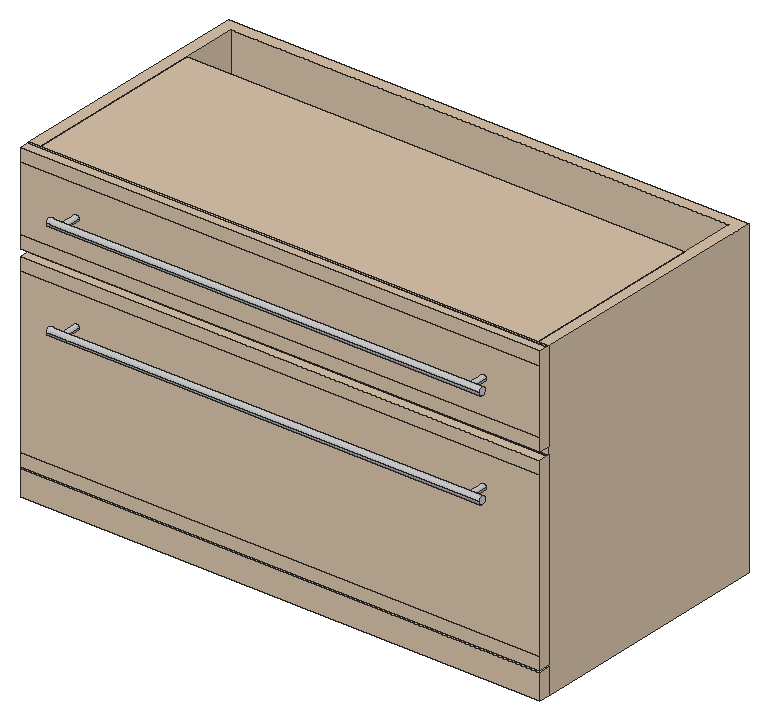
Revit family "Haworth_Masters_AttachedStorage", category Furniture Systems, Revit 2018
Family settings
  Round Connector Dimension = Use Diameter
  Part Type = Normal
  OmniClass Number = 23.40.70.14.64.21
  OmniClass Title = Systems Furniture
  Work Plane-Based = No
  Always vertical = Yes
  Cut with Voids When Loaded = No
  Shared = No
  Room Calculation Point = No
Parameters (values of type "Lateral - One and One Half High - 36w")
  Width = 36"
  Warranty = "http://www.haworth.com/resources/product-info/warranties"
  URL - Product = "http://www.haworth.com/products/desks/freestanding/masters-series"
  URL = "www.haworth.com"
  Two High = not(or(One and One Half High, One High))  # no
  Touch Latch = and(Doors, not(or(Linear Pull, Bar Pull, Classic Pull)))  # no
  Top Open Shelf = no
  Top Drawer Height = if(Two High, 13", 6 1/4")  # 6 1/4"
  Top Drawer = and(Drawers, or(Two High, One and One Half High), not(Top Open Shelf))  # yes
  Sustainability Info = "http://www.haworth.com/company-info/sustainablility"
  Standard Depths = "18, 23 in."  # constant formula
  Size = "Verify Final Dim. w/ Haworth"  # constant formula
  Shelf = not(One High)  # yes
  Revision Number = "3"  # constant formula
  Open = no
  One and One Half High = yes
  One High = no
  Hardware Finish = Haworth _ Metal _ Brushed Aluminum
  Finished Back = no
  Finger Pull = no
  Drawers = not(or(Open, Doors))  # yes
  Doors = no
  Door Width = (Actual Width / 2) - 1/16"  # 17 7/8"
  Door Height = Actual Height - 1 7/8"  # 19 3/4"
  Classic Pull = no
  Model = "Haworth - Masters - Attached Storage"  # constant formula
  Min. Width = 29 7/8"  # constant formula
  Max. Width = 47 7/8"  # constant formula
  Min. Height = 27 1/2"  # constant formula
  Max. Height = 63 1/2"  # constant formula
  Manufacturer = "Haworth"  # constant formula
  Linear Pull = no
  Front Finish = Haworth _ Wood _ White Oak
  Drawer Height = 13"  # constant formula
  Description = "Haworth - Masters - Attached Storage"  # constant formula
  Custom Size = not(or(Width = 30", Width = 36"))  # no
  Cabinet Finish = Haworth _ Wood _ White Oak
  Cabinet Depth = if(Finished Back, Actual Depth - 3/4", Actual Depth)  # 18"
  Bar Pull Drawer = Actual Width - 6"  # 29 7/8"
  Bar Pull Door = (Actual Width / 2) - 6"  # 11 15/16"
  Bar Pull = yes
  Author = "Haworth (Hampton), SHAPE Environments, LLC"  # constant formula
  Assembly Code = "E2020200"
  Actual Width = if(Width < Min. Width, Min. Width, if(Width > Max. Width, Max. Width, Width - 1/8"))  # 35 7/8"
  Actual Height = if(Two High, 28", if(One High, 15 3/16", 21 5/8"))  # 21 5/8"
  Actual Drawers = and(Drawers)  # yes
  Actual Depth = if(and(not(Finished Back), Depth < 18"), 18", if(and(not(Finished Back), Depth > 23"), 23", if(and(Depth < 18", Finished Back), 18 3/4", if(and(Depth > 23", Finished Back), 23 3/4", if(Finished Back, Depth + 3/4", Depth)))))  # 18"
  Depth = 18"
  Standard Widths = "30, 36 in."  # constant formula
  Actual Doors = and(Doors)  # no
Types (7): name | Two High | Top Drawer Height | Top Drawer | Shelf | Open | One and One Half High | One High | Drawers | Doors | Door Height | Actual Height | Actual Drawers | Actual Doors
  Lateral - Two High - 36w | yes | 13" | yes | yes | no | no | no | yes | no | 26 1/8" | 28" | yes | no
  Lateral - One High - 36w | no | 6 1/4" | no | no | no | no | yes | yes | no | 13 5/16" | 15 3/16" | yes | no
  Open - Two High - 36w | yes | 13" | no | yes | yes | no | no | no | no | 26 1/8" | 28" | no | no
  Open - One High - 36w | no | 6 1/4" | no | no | yes | no | yes | no | no | 13 5/16" | 15 3/16" | no | no
  Doors - Two High - 36w | yes | 13" | no | yes | no | no | no | no | yes | 26 1/8" | 28" | no | yes
  Open - One and One Half High - 36w | no | 6 1/4" | no | yes | yes | yes | no | no | no | 19 3/4" | 21 5/8" | no | no
  Lateral - One and One Half High - 36w | no | 6 1/4" | yes | yes | no | yes | no | yes | no | 19 3/4" | 21 5/8" | yes | no
Reference planes (in)
  plane 1 "Back": y = -4
  plane 2 "BOTTOM OF CABINET": z = 0
  plane 3 "Center L/R": x = 3.125
  plane 4 "Left": x = -14.8125
  plane 5 "Right": x = 21.0625
  plane 6 "Back of Drawer": y = -21.25
  plane 7 "Front": y = -22
  plane 8 "Top": z = 21.625
  plane 9 "Bottom of Top": z = 20.875
  plane 10 "Left Inside": x = -14.0625
  plane 11 "Right Inside": x = 20.3125
  plane 12 "Center F/B": y = -11.5
  plane 13 "FINISHED BACK": y = -4
  plane 14 "BOTTOM OF DRAWER": z = 1.75
  plane 15 "drawer centerline": z = 14.9375
  plane 16 "Center": x = 3.125
  plane 17: x = 3.0625
  plane 18: x = 3.1875
  plane 19: y = -8.5625
  plane 20: y = -5
Forms (in)
  Extrusion 1, solid, material "Haworth _ Wood _ White Oak" <- "Cabinet Finish"
    sketch origin (114.68227, -6.06265, 0) x (1, 0, 0) y (0, 1, 0)
      loop
        line (-129.49477, 2.06265) -> (-129.49477, -15.18735) -> (-128.74477, -15.18735) -> (-128.74477, 1.31265) -> (-94.36977, 1.31265) -> (-94.36977, -15.18735) -> (-93.61977, -15.18735) -> (-93.61977, 2.06265) -> (-129.49477, 2.06265)
    from 0 to 21.625
  Extrusion 2, solid, material "Haworth _ Wood _ White Oak" <- "Cabinet Finish"
    sketch origin (0.125, 1, 0) x (1, 0, 0) y (0, 1, 0)
      loop
        line (-14.1875, -9.5625) -> (-14.1875, -22.25) -> (20.1875, -22.25) -> (20.1875, -9.5625) -> (-14.1875, -9.5625)
    from 20.875 to 21.625
  Extrusion 3, solid, material "Haworth _ Wood _ White Oak" <- "Cabinet Finish", visible <- "Finished Back"
    sketch origin (0.125, 3.25, 0) x (1, 0, 0) y (0, 1, 0)
      loop
        line (-14.9375, -6.5) -> (-14.9375, -7.25) -> (20.9375, -7.25) -> (20.9375, -6.5) -> (-14.9375, -6.5)
    from 0 to 21.625
  Extrusion 4, solid, material "Haworth _ Wood _ White Oak" <- "Cabinet Finish"
    sketch origin (0.125, -20.5, 0) x (1, 0, 0) y (0, 1, 0)
      loop
        line (-14.9375, -0.75) -> (-14.9375, -1.5) -> (20.9375, -1.5) -> (20.9375, -0.75) -> (-14.9375, -0.75)
    from 0 to 1.75
  Extrusion 5, solid, material "Haworth _ Wood _ White Oak" <- "Cabinet Finish", visible <- "Shelf"
    sketch origin (0.125, 1, -12.6875) x (1, 0, 0) y (0, 1, 0)
      loop
        line (-14.1875, -6) -> (-14.1875, -22.25) -> (20.1875, -22.25) -> (20.1875, -6) -> (-14.1875, -6)
    from 27.25 to 28
  Extrusion 6, solid, material "Haworth _ Wood _ White Oak" <- "Cabinet Finish"
    sketch origin (0.125, 1, -22.9375) x (1, 0, 0) y (0, 1, 0)
      loop
        line (-14.1875, -5.75) -> (-14.1875, -22.25) -> (20.1875, -22.25) -> (20.1875, -5.75) -> (-14.1875, -5.75)
    from 22.9375 to 24.6875
Lines and regions (in)
  Masking region 1
    outline origin (0, 0, 20.875) x (0, 1, 0) y (-1, 0, 0)
      loop
        line (-4, 14.8125) -> (-22, 14.8125) -> (-22, -21.0625) -> (-4, -21.0625) -> (-4, 14.8125)
  symbolic lines, style "Haworth", visible <- "Finished Back", detail levels fine
    curve 1: line (-14.8125, -4.75, 21.625) -> (21.0625, -4.75, 21.625)
Dimensions and locks (in)
  locked: plane 6 "Back of Drawer" to plane 7 "Front" at 0.75
  "Actual Width": plane 4 "Left" to plane 5 "Right"
  locked: plane 8 "Top" to plane 9 "Bottom of Top" at 0.75
  equal spacing: plane 4 "Left", plane 3 "Center L/R", plane 5 "Right"
  "Actual Height": plane 8 "Top" to level
  locked: plane 10 "Left Inside" to plane 4 "Left" at 0.75
  locked: plane 5 "Right" to plane 11 "Right Inside" at 0.75
  plane 12 "Center F/B" to plane 1 "Back" = 7 1/2"
  plane 17 to plane 16 "Center" to plane 18 = 1/16" locked, 1/16" locked
  locked: plane 19 to plane 1 "Back" at 4.5625
  "Actual Depth": plane 7 "Front" to plane 13 "FINISHED BACK"
  "Cabinet Depth": plane 1 "Back" to plane 7 "Front"
  locked: Extrusion 3 sketch curve to Extrusion 3 sketch curve at 0.75
  locked: Extrusion 1 sketch curve to Extrusion 1 sketch curve at 0.75
  curve 1 to plane 13 "FINISHED BACK" = 3/4"
  locked: plane 20 to plane 13 "FINISHED BACK" at 1
  aligned: Extrusion 1 to plane 4 "Left"
  aligned: Extrusion 1 to plane 5 "Right"
  aligned: plane 9 "Bottom of Top" to Extrusion 1
  aligned and locked: plane 8 "Top" to Extrusion 2
  aligned and locked: Extrusion 2 to plane 9 "Bottom of Top"
  aligned and locked: level to plane 2 "BOTTOM OF CABINET"
  aligned: plane 8 "Top" to Extrusion 1
  aligned and locked: plane 6 "Back of Drawer" to Extrusion 2 sketch curve
  aligned and locked: Extrusion 1 sketch curve to plane 6 "Back of Drawer"
  aligned: plane 1 "Back" to Extrusion 3
  aligned: Extrusion 1 to Extrusion 3  (x2)
  aligned and locked: Extrusion 3 to plane 4 "Left"  (x2)
  aligned: Extrusion 4 to Extrusion 1
  aligned and locked: plane 6 "Back of Drawer" to Extrusion 4
  aligned and locked: plane 8 "Top" to Extrusion 3
  aligned: Extrusion 1 to plane 2 "BOTTOM OF CABINET"
  aligned and locked: Extrusion 3 to plane 2 "BOTTOM OF CABINET"
  aligned: Extrusion 1 to plane 11 "Right Inside"
  aligned and locked: plane 16 "Center" to plane 3 "Center L/R"
  aligned: plane 15 "drawer centerline" to nested 1
  aligned: plane 5 "Right" to nested 1
  aligned: plane 4 "Left" to nested 1
  aligned and locked: Extrusion 4 to plane 7 "Front"
  aligned: Extrusion 5 to Extrusion 2
  aligned and locked: Extrusion 5 to plane 6 "Back of Drawer"
  aligned and locked: nested 1 to plane 6 "Back of Drawer"
  aligned: Extrusion 1 to plane 6 "Back of Drawer"
  aligned: Extrusion 1 to level
  aligned and locked: plane 19 to Extrusion 2 sketch curve
  aligned and locked: plane 10 "Left Inside" to Extrusion 2 sketch curve
  aligned and locked: Extrusion 2 sketch curve to plane 11 "Right Inside"
  aligned and locked: plane 4 "Left" to Masking region 1 sketch curve
  aligned and locked: plane 7 "Front" to Masking region 1 sketch curve
  aligned and locked: plane 5 "Right" to Masking region 1 sketch curve
  aligned: Extrusion 1 to plane 1 "Back"  (x3)
  aligned: plane 1 "Back" to Extrusion 1 sketch curve
  aligned and locked: Extrusion 1 to plane 1 "Back"
  aligned and locked: Extrusion 1 to plane 5 "Right"
  aligned and locked: Extrusion 1 to plane 11 "Right Inside"
  aligned and locked: Extrusion 1 to plane 4 "Left"
  aligned and locked: plane 10 "Left Inside" to Extrusion 1
  aligned and locked: Extrusion 1 to plane 6 "Back of Drawer"
  aligned and locked: plane 8 "Top" to nested 2
  aligned and locked: plane 8 "Top" to Extrusion 1
  aligned and locked: Extrusion 6 to plane 2 "BOTTOM OF CABINET"
  aligned and locked: plane 14 "BOTTOM OF DRAWER" to Extrusion 6
  aligned: Extrusion 6 to Extrusion 3
  aligned and locked: nested 2 to plane 6 "Back of Drawer"
  aligned: plane 13 "FINISHED BACK" to Extrusion 3
  aligned and locked: Extrusion 1 to Extrusion 3
  aligned and locked: Masking region 1 to plane 13 "FINISHED BACK"
  aligned and locked: nested 1 to nested 3
  aligned and locked: plane 5 "Right" to nested 3
  aligned and locked: nested 4 to plane 4 "Left"
  aligned and locked: plane 7 "Front" to nested 4
  aligned and locked: nested 3 to plane 7 "Front"
  aligned and locked: plane 20 to Extrusion 5
  aligned and locked: Extrusion 6 to Extrusion 1
  aligned and locked: plane 14 "BOTTOM OF DRAWER" to Extrusion 4
  aligned and locked: Extrusion 4 to plane 2 "BOTTOM OF CABINET"
  aligned and locked: Extrusion 4 to plane 5 "Right"
  aligned and locked: Extrusion 4 to plane 4 "Left"
  aligned and locked: Extrusion 1 to plane 2 "BOTTOM OF CABINET"
Automatic sketch dimensions
  Extrusion 1 sketch curve to plane 4 "Left" = 0"
  plane 10 "Left Inside" to Extrusion 1 sketch curve = 0"
  Extrusion 1 sketch curve to plane 11 "Right Inside" = 0"
  Extrusion 1 sketch curve to plane 5 "Right" = 0"
  Extrusion 1 sketch curve to plane 6 "Back of Drawer" = 0"
  Extrusion 3 sketch curve to plane 4 "Left" = 0"
  Extrusion 3 sketch curve to plane 5 "Right" = 0"
  Extrusion 3 sketch curve to plane 1 "Back" = 3/4"
  Extrusion 4 sketch curve to plane 4 "Left" = 0"
  Extrusion 4 sketch curve to plane 5 "Right" = 0"
  Extrusion 4 sketch curve to plane 7 "Front" = 0"
  plane 6 "Back of Drawer" to Extrusion 4 sketch curve = 0"
  Extrusion 5 sketch curve to plane 6 "Back of Drawer" = 0"
  Extrusion 5 sketch curve to plane 10 "Left Inside" = 0"
  Extrusion 5 sketch curve to plane 11 "Right Inside" = 0"
  Extrusion 5 sketch curve to plane 19 = 3 9/16"
  Extrusion 6 sketch curve to plane 6 "Back of Drawer" = 0"
  Extrusion 6 sketch curve to plane 10 "Left Inside" = 0"
  Extrusion 6 sketch curve to plane 11 "Right Inside" = 0"
  Extrusion 6 sketch curve to plane 19 = 3 13/16"
  Masking region 1 sketch curve to plane 1 "Back" = 0"
  curve 1 to plane 5 "Right" = 0"
  curve 1 to plane 4 "Left" = 0"
Nested families (in)
  nested 1: "Haworth_Masters_Drawer" at (3.125, -20.98787, 1.875), visible <- "Drawers", Drawer Height <- "Drawer Height", Finger Pull Top <- "Finger Pull", type "Haworth_Drawer"
    with Finger Pull Top Distance 0", Finger Pull Top no, Finger Pull Side Distance 3/4", Finger Pull Bottom Distance 0", Finger Pull Bottom no, Drawer Height 13", Bottom Finger Pull Side Distance 3/4", Pull Height 3", Pull Bar yes, Drawer Width 35 7/8", Bar Pull Length 29 7/8"
  nested 2: "Haworth_Masters_Drawer" at (3.125, -20.98787, 15.375), visible <- "Top Drawer", Drawer Height <- "Top Drawer Height", Finger Pull Bottom <- "Finger Pull", type "Haworth_Drawer"
    with Finger Pull Top Distance 0", Finger Pull Top no, Finger Pull Side Distance 3/4", Finger Pull Bottom Distance 0", Finger Pull Bottom no, Drawer Height 6 1/4", Bottom Finger Pull Side Distance 3/4", Pull Height 3", Pull Bar yes, Drawer Width 35 7/8", Bar Pull Length 29 7/8"
  nested 3: "Haworth_Masters_Door-Pull_Top" at (12.125, -20.98787, 1.875), Drawer Height <- "Door Height", visible <- "Actual Doors", type "Haworth_Door"
    with Drawer Height 19 3/4"
  nested 4: "Haworth_Masters_Door-Pull_Top" at (-5.875, -20.98787, 1.875) x (-1, 0, 0) z (0, 0, 1), Drawer Height <- "Door Height", visible <- "Actual Doors", type "Haworth_Door"
    with Drawer Height 19 3/4"
Definition of nested family "Haworth_Masters_Drawer"
  Parameters
    Pull Linear = no
    Pull Height = 1 7/16"
    Pull Finish = none
    Pull Bar = no
    Pull Classic = no
    Front Finish = none
    Finger Pull Top Distance [instance] = if(Finger Pull Top, 7/8", 0")  # 7/8"
    Finger Pull Top [instance] = yes
    Finger Pull Side Distance [instance] = if(Finger Pull Top, 1/8", 3/4")  # 1/8"
    Finger Pull Location = 1/8"
    Finger Pull Bottom Distance [instance] = if(Finger Pull Bottom, 7/8", 0")  # 7/8"
    Finger Pull Bottom [instance] = yes
    Drawer Width = 15 1/2"
    Drawer Height [instance] = 16"
    Drawer Finish = none
    Classic Pull Length = 7 1/16"
    Bottom Finger Pull Side Distance [instance] = if(Finger Pull Bottom, 1/8", 3/4")  # 1/8"
    Bar Pull Length = 10"
    Assembly Code = ""
  Reference planes (in)
    plane 1 "Drawer Back": y = -0.26213
    plane 2: z = 0
    plane 3 "Center L/R": x = 0
    plane 4 "Drawer Front": y = -1.01213
    plane 5 "Left": x = -7.75
    plane 6 "Right": x = 7.75
    plane 7 "Top": z = 16
    plane 8: y = -4.26213
    plane 9: y = -3.26213
    plane 10 "Integral Top": z = 14.28125
    plane 11 "Pull Location": z = 14.5625
    plane 12 "Integral Bottom": z = 14.84375
    plane 13: z = 14.75
    plane 14: z = 15.3125
    plane 15: x = -7.875
    plane 16: x = -8
    plane 17: y = -0.375
    plane 18 "Top Finger Pull Side Offset": y = -0.38713
    plane 19 "Finger Pull Top Offset": z = 15.125
    plane 20 "Bottom Finger Pull Side Offset": y = -0.38713
    plane 21 "Finger Pull Bottom Offset": z = 0.875
    plane 22: z = 0.875
    plane 23: y = -0.38713
    plane 24: z = 15.125
  Forms (in)
    Extrusion 1, solid, material <- "Drawer Finish"
      sketch origin (-7.75, 0, 2.25) x (0, 1, 0) y (0, 0, 1)
        loop
          line (-0.26213, 13.75) -> (-0.38713, 13.75) -> (-0.38713, 12.875) -> (-1.01213, 12.875) -> (-1.01213, -1.375) -> (-0.38713, -1.375) -> (-0.38713, -2.25) -> (-0.26213, -2.25) -> (-0.26213, 13.75)
      from 0 to 15.5
  Dimensions and locks (in)
    equal spacing: plane 5 "Left", plane 3 "Center L/R", plane 6 "Right"
    "Drawer Width": plane 5 "Left" to plane 6 "Right"
    locked: plane 1 "Drawer Back" to plane 4 "Drawer Front" at 0.75
    "Drawer Height": plane 7 "Top" to level
    locked: plane 8 to plane 1 "Drawer Back" at 4
    locked: plane 8 to plane 9 at 1
    "Pull Height": plane 7 "Top" to plane 11 "Pull Location"
    equal spacing: plane 12 "Integral Bottom", plane 11 "Pull Location", plane 10 "Integral Top"
    locked: plane 12 "Integral Bottom" to plane 10 "Integral Top" at 0.5625
    "Finger Pull Location": plane 15 to plane 16
    locked: plane 5 "Left" to plane 16 at 0.25
    plane 7 "Top" to plane 14 to plane 13 = 11/16" locked, 9/16" locked
    "Finger Pull Top Distance": plane 7 "Top" to plane 19 "Finger Pull Top Offset"
    "Finger Pull Side Distance": plane 1 "Drawer Back" to plane 18 "Top Finger Pull Side Offset"
    locked: plane 22 to level at 0.875
    "Bottom Finger Pull Side Distance": plane 1 "Drawer Back" to plane 20 "Bottom Finger Pull Side Offset"
    "Finger Pull Bottom Distance": plane 21 "Finger Pull Bottom Offset" to level
    plane 1 "Drawer Back" to Extrusion 1 = 3/4"
    locked: plane 1 "Drawer Back" to plane 23 at 0.125
    locked: plane 7 "Top" to plane 24 at 0.875
    aligned and locked: Extrusion 1 to plane 6 "Right"
    aligned and locked: plane 1 "Drawer Back" to Extrusion 1 sketch curve
    aligned and locked: plane 7 "Top" to Extrusion 1 sketch curve
    aligned: plane 7 "Top" to nested 1
    aligned and locked: nested 1 to plane 4 "Drawer Front"
    aligned and locked: nested 1 to plane 11 "Pull Location"
    aligned and locked: plane 3 "Center L/R" to nested 1
    aligned and locked: plane 19 "Finger Pull Top Offset" to Extrusion 1 sketch curve
    aligned and locked: plane 18 "Top Finger Pull Side Offset" to Extrusion 1 sketch curve
    aligned and locked: plane 21 "Finger Pull Bottom Offset" to Extrusion 1 sketch curve
    aligned and locked: plane 20 "Bottom Finger Pull Side Offset" to Extrusion 1 sketch curve
    aligned and locked: plane 23 to Extrusion 1 sketch curve  (x2)
    aligned and locked: plane 22 to Extrusion 1 sketch curve
    aligned and locked: plane 24 to Extrusion 1 sketch curve
  Automatic sketch dimensions
    Extrusion 1 sketch curve to plane 4 "Drawer Front" = 0"
    Extrusion 1 sketch curve to level = 0"
  Nested families (in)
    nested 1: "Haworth_Drawer-Pulls" at (0, -1.01213, 14.5625), type "Pull", detail levels medium+fine
  Definition of nested family "Haworth_Drawer-Pulls"
    Parameters
      Linear = no
      Handle Finish = none
      Classic Pull Length = 7 1/16"
      Classic = no
      Bar Pull Length = 10"
      Bar Pull = no
      Assembly Code = ""
    Reference planes (in)
      plane 1 "Center Front/Back": y = 0
      plane 2: z = 0
      plane 3 "Center Left/Right": x = 0
      plane 4: x = -5
      plane 5: x = 5
      plane 6 "left classic": x = -3.53125
      plane 7 "right classic": x = 3.53125
      plane 8: x = 4.125
      plane 9: x = -4.125
      plane 10: x = -4
      plane 11: x = 4
    Forms (in)
      Extrusion 1, solid, material <- "Handle Finish", visible <- "Linear"
        sketch origin (0, 0, 0.125) x (1, 0, 0) y (0, 1, 0)
          loop
            line (-4, 0) -> (-4, -1.25) -> (4, -1.25) -> (4, 0) -> (3, 0) -> (3, -1) -> (-3, -1) -> (-3, 0) -> (-4, 0)
        from 0 to -0.25
      Extrusion 2, solid, material <- "Handle Finish", visible <- "Classic"
        sketch origin (0, 0, 0.375) x (1, 0, 0) y (0, 0, 1)
          loop
            line (-3.53125, 0) -> (-3.53125, -0.75)
            arc (-3.53125, -0.75) -> (-3.15625, -0.375) -> (-3.53125, 0) r 0.375
        from 0 to 1
      Extrusion 3, solid, material <- "Handle Finish", visible <- "Classic"
        sketch origin (0, 0, 0.375) x (-1, 0, 0) y (0, 0, -1)
          loop
            arc (-3.53125, 0.00132) -> (-3.15757, 0.375) -> (-3.53125, 0.74868) r 0.37368
            line (-3.53125, 0.74868) -> (-3.53125, 0.00132)
        from 0 to 1
      Extrusion 4, solid, material <- "Handle Finish", visible <- "Classic"
        sketch origin (0, 0, 0.375) x (1, 0, 0) y (0, 0, 1)
          loop
            line (-3.53125, 0) -> (-3.53125, -0.75) -> (3.53125, -0.75) -> (3.53125, 0) -> (-3.53125, 0)
        from 1 to 1.25
      Extrusion 5, solid, material <- "Handle Finish", visible <- "Bar Pull"
        sketch origin (3.78314, -0.03024, -1.5) x (1, 0, 0) y (0, 0, 1)
          loop
            circle (0.34186, 1.5) r 0.1875
        from 0 to 1.21976
      Extrusion 6, solid, material <- "Handle Finish", visible <- "Bar Pull"
        sketch origin (0, 0.03125, 0) x (0, 1, 0) y (0, 0, 1)
          loop
            circle (-1.25, 0) r 0.25
        from -5 to 5
      Extrusion 7, solid, material <- "Handle Finish", visible <- "Bar Pull"
        sketch origin (-1.21686, -0.03024, -1.5) x (1, 0, 0) y (0, 0, 1)
          loop
            circle (-2.90814, 1.5) r 0.1875
        from 0 to 1.21976
    Cuts and joins
      joined: Extrusion 2, Extrusion 3, Extrusion 4
      joined: Extrusion 5, Extrusion 6, Extrusion 7
    Dimensions and locks (in)
      equal spacing: plane 5, plane 3 "Center Left/Right", plane 4
      "Bar Pull Length": plane 5 to plane 4
      equal spacing: plane 6 "left classic", plane 3 "Center Left/Right", plane 7 "right classic"
      "Classic Pull Length": plane 6 "left classic" to plane 7 "right classic"
      locked: plane 5 to plane 8 at 0.875
      locked: plane 9 to plane 4 at 0.875
      equal spacing: plane 10, plane 3 "Center Left/Right", plane 11
      plane 10 to plane 11 = 8"
      locked: Extrusion 1 sketch curve to Extrusion 1 sketch curve at 1  (x2)
      aligned and locked: plane 5 to Extrusion 6
      aligned and locked: Extrusion 6 to plane 4
      aligned and locked: plane 6 "left classic" to Extrusion 4 sketch curve
      aligned and locked: plane 7 "right classic" to Extrusion 4 sketch curve
      aligned and locked: plane 7 "right classic" to Extrusion 3 sketch curve
      aligned and locked: Extrusion 2 sketch curve to plane 6 "left classic"
      aligned and locked: plane 8 to Extrusion 5 sketch curve
      aligned and locked: plane 9 to Extrusion 7 sketch curve
      aligned and locked: plane 10 to Extrusion 1 sketch curve
      aligned and locked: Extrusion 1 sketch curve to plane 11
    Automatic sketch dimensions
      Extrusion 2 sketch curve to level = 0"
      Extrusion 2 sketch curve to level = 3/8"
      Extrusion 3 sketch curve to level = 0"
      level to Extrusion 3 sketch curve = 0.37368"
      Extrusion 4 sketch curve to level = 3/8"
      level to Extrusion 4 sketch curve = 3/8"
      level to Extrusion 5 sketch curve = 0"
      level to Extrusion 6 sketch curve = 0"
      plane 1 "Center Front/Back" to Extrusion 6 sketch curve = 1 7/32"
      level to Extrusion 7 sketch curve = 0"
      plane 1 "Center Front/Back" to Extrusion 1 sketch curve = 0"  (x2)
      plane 1 "Center Front/Back" to Extrusion 1 sketch curve = 1"
      Extrusion 1 sketch curve to Extrusion 1 sketch curve = 1/4"
      radius of Extrusion 5 sketch curve = 3/16"
      radius of Extrusion 6 sketch curve = 1/4"
      radius of Extrusion 7 sketch curve = 3/16"
Definition of nested family "Haworth_Masters_Door-Pull_Top"
  Parameters
    Pull Linear = no
    Pull Height = 3"
    Pull Finish = none
    Pull Bar = yes
    Pull Classic = no
    Front Finish = none
    Door Width = 17 7/8"
    Drawer Height [instance] = 22"
    Drawer Finish = none
    Classic Pull Length = 7 1/16"
    Bar Pull Length = 11 15/16"
    Assembly Code = ""
  Reference planes (in)
    plane 1 "Drawer Back": y = -0.26213
    plane 2: z = 0
    plane 3 "Center L/R": x = 0
    plane 4 "Drawer Front": y = -1.01213
    plane 5 "Left": x = -8.9375
    plane 6 "Right": x = 8.9375
    plane 7 "Top": z = 22
    plane 8 "Pull Location": z = 19
    plane 9: z = 11
  Forms (in)
    Extrusion 1, solid, material <- "Drawer Finish"
      sketch origin (-8.9375, 0, 2.25) x (0, 1, 0) y (0, 0, 1)
        loop
          line (-0.26213, 19.75) -> (-1.01213, 19.75) -> (-1.01213, -2.25) -> (-0.26213, -2.25) -> (-0.26213, 19.75)
      from 0 to 17.875
  Dimensions and locks (in)
    equal spacing: plane 5 "Left", plane 3 "Center L/R", plane 6 "Right"
    "Door Width": plane 5 "Left" to plane 6 "Right"
    locked: plane 1 "Drawer Back" to plane 4 "Drawer Front" at 0.75
    "Drawer Height": plane 7 "Top" to level
    "Pull Height": plane 7 "Top" to plane 8 "Pull Location"
    plane 1 "Drawer Back" to Extrusion 1 = 3/4"
    equal spacing: plane 7 "Top", plane 9, plane 2
    aligned and locked: Extrusion 1 to plane 6 "Right"
    aligned and locked: plane 1 "Drawer Back" to Extrusion 1 sketch curve
    aligned and locked: plane 7 "Top" to Extrusion 1 sketch curve
    aligned: plane 7 "Top" to nested 1
    aligned and locked: nested 1 to plane 4 "Drawer Front"
    aligned and locked: nested 1 to plane 8 "Pull Location"
    aligned and locked: plane 3 "Center L/R" to nested 1
  Automatic sketch dimensions
    Extrusion 1 sketch curve to level = 0"
    Extrusion 1 sketch curve to plane 4 "Drawer Front" = 0"
  Nested families (in)
    nested 1: "Haworth_Drawer-Pulls" at (0, -1.01213, 19), type "Pull", detail levels medium+fine
      with Bar Pull Length 11 15/16", Bar Pull yes
  Definition of nested family "Haworth_Drawer-Pulls"
    Parameters
      Linear = no
      Handle Finish = none
      Classic Pull Length = 7 1/16"
      Classic = no
      Bar Pull Length = 10"
      Bar Pull = no
      Assembly Code = ""
    Reference planes (in)
      plane 1 "Center Front/Back": y = 0
      plane 2: z = 0
      plane 3 "Center Left/Right": x = 0
      plane 4: x = -5
      plane 5: x = 5
      plane 6 "left classic": x = -3.53125
      plane 7 "right classic": x = 3.53125
      plane 8: x = 4.125
      plane 9: x = -4.125
      plane 10: x = -4
      plane 11: x = 4
    Forms (in)
      Extrusion 1, solid, material <- "Handle Finish", visible <- "Linear"
        sketch origin (0, 0, 0.125) x (1, 0, 0) y (0, 1, 0)
          loop
            line (-4, 0) -> (-4, -1.25) -> (4, -1.25) -> (4, 0) -> (3, 0) -> (3, -1) -> (-3, -1) -> (-3, 0) -> (-4, 0)
        from 0 to -0.25
      Extrusion 2, solid, material <- "Handle Finish", visible <- "Classic"
        sketch origin (0, 0, 0.375) x (1, 0, 0) y (0, 0, 1)
          loop
            line (-3.53125, 0) -> (-3.53125, -0.75)
            arc (-3.53125, -0.75) -> (-3.15625, -0.375) -> (-3.53125, 0) r 0.375
        from 0 to 1
      Extrusion 3, solid, material <- "Handle Finish", visible <- "Classic"
        sketch origin (0, 0, 0.375) x (-1, 0, 0) y (0, 0, -1)
          loop
            arc (-3.53125, 0.00132) -> (-3.15757, 0.375) -> (-3.53125, 0.74868) r 0.37368
            line (-3.53125, 0.74868) -> (-3.53125, 0.00132)
        from 0 to 1
      Extrusion 4, solid, material <- "Handle Finish", visible <- "Classic"
        sketch origin (0, 0, 0.375) x (1, 0, 0) y (0, 0, 1)
          loop
            line (-3.53125, 0) -> (-3.53125, -0.75) -> (3.53125, -0.75) -> (3.53125, 0) -> (-3.53125, 0)
        from 1 to 1.25
      Extrusion 5, solid, material <- "Handle Finish", visible <- "Bar Pull"
        sketch origin (3.78314, -0.03024, -1.5) x (1, 0, 0) y (0, 0, 1)
          loop
            circle (0.34186, 1.5) r 0.1875
        from 0 to 1.21976
      Extrusion 6, solid, material <- "Handle Finish", visible <- "Bar Pull"
        sketch origin (0, 0.03125, 0) x (0, 1, 0) y (0, 0, 1)
          loop
            circle (-1.25, 0) r 0.25
        from -5 to 5
      Extrusion 7, solid, material <- "Handle Finish", visible <- "Bar Pull"
        sketch origin (-1.21686, -0.03024, -1.5) x (1, 0, 0) y (0, 0, 1)
          loop
            circle (-2.90814, 1.5) r 0.1875
        from 0 to 1.21976
    Cuts and joins
      joined: Extrusion 2, Extrusion 3, Extrusion 4
      joined: Extrusion 5, Extrusion 6, Extrusion 7
    Dimensions and locks (in)
      equal spacing: plane 5, plane 3 "Center Left/Right", plane 4
      "Bar Pull Length": plane 5 to plane 4
      equal spacing: plane 6 "left classic", plane 3 "Center Left/Right", plane 7 "right classic"
      "Classic Pull Length": plane 6 "left classic" to plane 7 "right classic"
      locked: plane 5 to plane 8 at 0.875
      locked: plane 9 to plane 4 at 0.875
      equal spacing: plane 10, plane 3 "Center Left/Right", plane 11
      plane 10 to plane 11 = 8"
      locked: Extrusion 1 sketch curve to Extrusion 1 sketch curve at 1  (x2)
      aligned and locked: plane 5 to Extrusion 6
      aligned and locked: Extrusion 6 to plane 4
      aligned and locked: plane 6 "left classic" to Extrusion 4 sketch curve
      aligned and locked: plane 7 "right classic" to Extrusion 4 sketch curve
      aligned and locked: plane 7 "right classic" to Extrusion 3 sketch curve
      aligned and locked: Extrusion 2 sketch curve to plane 6 "left classic"
      aligned and locked: plane 8 to Extrusion 5 sketch curve
      aligned and locked: plane 9 to Extrusion 7 sketch curve
      aligned and locked: plane 10 to Extrusion 1 sketch curve
      aligned and locked: Extrusion 1 sketch curve to plane 11
    Automatic sketch dimensions
      Extrusion 2 sketch curve to level = 0"
      Extrusion 2 sketch curve to level = 3/8"
      Extrusion 3 sketch curve to level = 0"
      level to Extrusion 3 sketch curve = 0.37368"
      Extrusion 4 sketch curve to level = 3/8"
      level to Extrusion 4 sketch curve = 3/8"
      level to Extrusion 5 sketch curve = 0"
      level to Extrusion 6 sketch curve = 0"
      plane 1 "Center Front/Back" to Extrusion 6 sketch curve = 1 7/32"
      level to Extrusion 7 sketch curve = 0"
      plane 1 "Center Front/Back" to Extrusion 1 sketch curve = 0"  (x2)
      plane 1 "Center Front/Back" to Extrusion 1 sketch curve = 1"
      Extrusion 1 sketch curve to Extrusion 1 sketch curve = 1/4"
      radius of Extrusion 5 sketch curve = 3/16"
      radius of Extrusion 6 sketch curve = 1/4"
      radius of Extrusion 7 sketch curve = 3/16"
